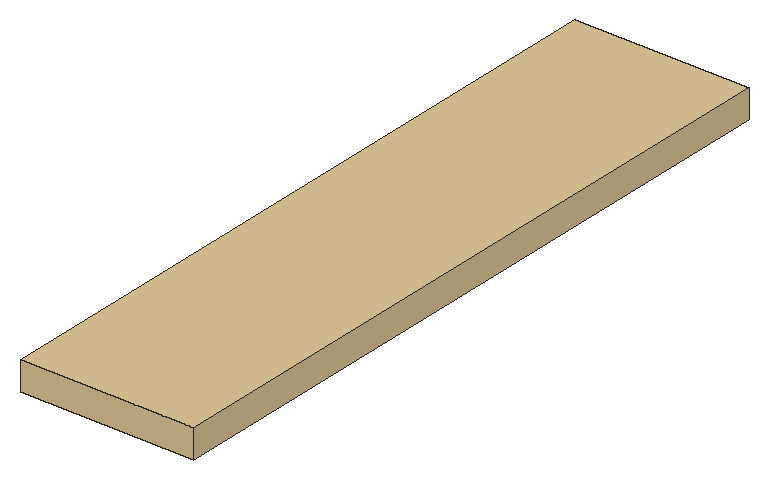
Revit family "Insulation_Fill_TimberHP", category Generic Models, host Face, Revit 2026
Family settings
  Host = Face
  Can host rebar = No
  Round Connector Dimension = Use Diameter
  Part Type = Normal
  Cut with Voids When Loaded = Yes
  Maintain Annotation Orientation = No
  Shared = No
  Room Calculation Point = No
Parameters
  Width = 2' - 0"
  URL = "https://timberhp.com/"
  Thickness = 0' - 4"
  Specification = "https://www.arcat.com/company/timberhp-53864/spec"
  Product Page URL = "https://www.arcat.com/arcatcos/cos53/arc53864.html"
  Model = "TimberFill"
  Manufacturer = "TimberHP"
  Length = 8' - 0"
  Keynote = "07 21 00"
  Default Elevation = 4' - 0"
  Copyright = "ARCAT"
  CAD Details = "https://www.arcat.com/company/timberhp-53864/cad"
Reference planes (in)
  plane 1 "Center (Front/Back)": y = 0
  plane 2: z = 0
  plane 3 "Center (Left/Right)": x = 0
  plane 4: z = 0
  plane 5: z = 4
  plane 6: x = -12
  plane 7: x = 12
  plane 8: y = -48
  plane 9: y = 48
  plane 10: x = -11.66667
  plane 11: y = -47.66667
  plane 12: x = 12.33333
  plane 13: y = 48.33333
  plane 14: z = 2.66667
  plane 15: z = 1.33333
Forms (in)
  Extrusion 1, void
    sketch origin (0, 0, 0) x (1, 0, 0) y (0, 1, 0)
      loop
        line (-1, 2) -> (-1, -3) -> (2, -3) -> (2, 2) -> (-1, 2)
    from 0 to -1
  Extrusion 2, solid, material "TimberHP"
    sketch origin (0, 0, 0) x (1, 0, 0) y (0, 1, 0)
      loop
        line (-12, 48) -> (-12, -48) -> (12, -48) -> (12, 48) -> (-12, 48)
    from 0 to 4
Dimensions and locks (in)
  "Thickness": plane 5 to level
  equal spacing: plane 6, plane 3 "Center (Left/Right)", plane 7
  "Width": plane 6 to plane 7
  equal spacing: plane 9, plane 1 "Center (Front/Back)", plane 8
  "Length": plane 9 to plane 8
  plane 11 to plane 8 = 0' - 0.33333"  (x2)
  plane 13 to plane 9 = 0' - 0.33333"
  plane 7 to plane 12 = 0' - 0.33333"
  plane 6 to plane 10 = 0' - 0.33333"
  equal spacing: plane 5, plane 14, plane 15, level
  aligned and locked: plane 2 to Extrusion 1
  aligned and locked: level to Extrusion 1
  aligned and locked: Extrusion 2 to level
  aligned and locked: Extrusion 2 to plane 5
  aligned and locked: plane 6 to Extrusion 2
  aligned and locked: Extrusion 2 to plane 7
  aligned and locked: Extrusion 2 to plane 8
  aligned and locked: plane 9 to Extrusion 2
Automatic sketch dimensions
  Extrusion 2 sketch curve to plane 3 "Center (Left/Right)" = 1' - 0"
  plane 3 "Center (Left/Right)" to Extrusion 2 sketch curve = 1' - 0"
  plane 1 "Center (Front/Back)" to Extrusion 2 sketch curve = 4' - 0"
  Extrusion 2 sketch curve to plane 1 "Center (Front/Back)" = 4' - 0"
  Extrusion 1 sketch curve to Extrusion 1 sketch curve = 0' - 3"
  Extrusion 1 sketch curve to Extrusion 1 sketch curve = 0' - 5"
